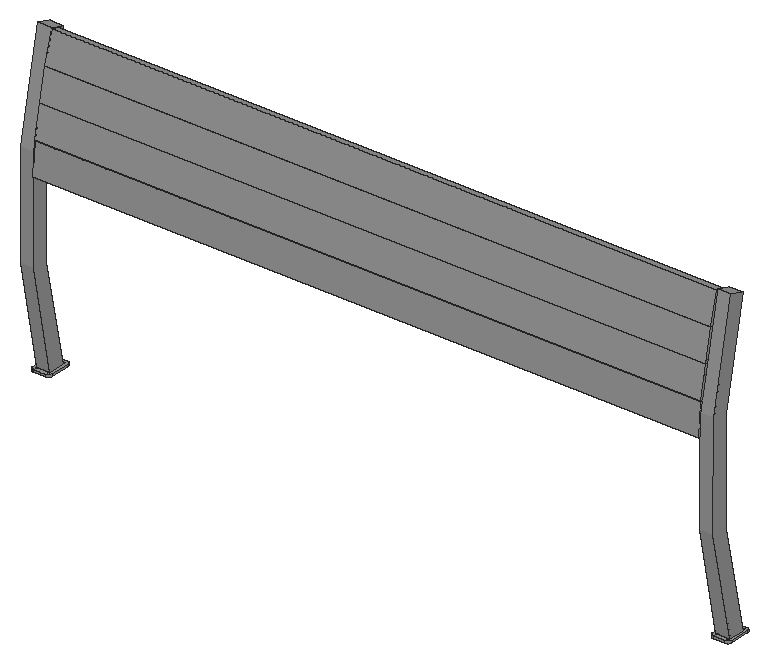
Revit family "Скамейка опорная «Модерн»", category Антураж, Revit 2017
Family settings
  На основе рабочей плоскости = Нет
  Всегда вертикально = Да
  При загрузке вырезать с полостями = Нет
  Источник визуального образа = Геометрия семейства
  Общий = Нет
  Точка расчета площади = Нет
Parameters (values of type "Скамейка опорная «Модерн» 1,8м")
  Стоимость = 5341
  Изготовитель = "ООО \"Хоббика\""
  Длина доски = ADSK_Размер_Длина - 35 mm * 2  # 1730 mm
  Высота = 0 mm
  URL = "https://hobbyka.ru/product/skameyka_opornaya_modern/"
  ADSK_Размер_Ширина = 800 mm
  ADSK_Размер_Длина = 1800 mm
  ADSK_Наименование = "Скамейка опорная «Модерн»"
  ADSK_Материал опоры = Сталь, окрашенная, темно-серая, матовая
  ADSK_Материал доски = Ясень
  ADSK_Код изделия = "11549\r\n11549"
Types (4, lengths in mm): name | Стоимость | Длина доски | ADSK_Размер_Длина
  (no name) | 5341 | 1730 | 1800
  Скамейка опорная «Модерн» 1,2м | 4566 | 1130 | 1200
  Скамейка опорная «Модерн» 1,5м | 4954 | 1430 | 1500
  Скамейка опорная «Модерн» 1,8м | 5341 | 1730 | 1800
Reference planes
  plane 1 "По центру (Вперед/Назад)": y = 0
  plane 2: z = 0
  plane 3 "По центру (Влево/Вправо)": x = 0
  plane 4: x = -900
  plane 5: x = 900
  plane 6: x = -865
  plane 7: x = 865
Forms (mm)
  Extrusion 1, solid, material "Ясень" <- "ADSK_Материал доски"
    sketch origin (0, -56.184, -0.746) x (0, 0.997564, -0.069756) y (0, 0.069756, 0.997564)
      loop
        line (-38.768, 804.072) -> (-52.956, 725.34) -> (-33.273, 721.793) -> (-19.191, 799.934) -> (-38.768, 804.072)
    from -865 to 865
  Extrusion 2, solid, material "Ясень" <- "ADSK_Материал доски"
    sketch origin (0, -61.889, -79.184) x (0, 0.99863, -0.052336) y (0, 0.052336, 0.99863)
      loop
        line (-38.768, 804.072) -> (-52.956, 725.34) -> (-33.273, 721.793) -> (-19.191, 799.934) -> (-38.768, 804.072)
    from -865 to 865
  Extrusion 3, solid, material "Ясень" <- "ADSK_Материал доски"
    sketch origin (0, -51.954, -157.592) x (0, 0.999848, -0.017452) y (0, 0.017452, 0.999848)
      loop
        line (-38.768, 804.072) -> (-52.956, 725.34) -> (-33.273, 721.793) -> (-19.191, 799.934) -> (-38.768, 804.072)
    from -865 to 865
  Extrusion 4, solid, material "Ясень" <- "ADSK_Материал доски"
    sketch origin (0, 11.007, -231.938) x (0, 0.996739, 0.08069) y (0, -0.08069, 0.996739)
      loop
        line (-38.768, 804.072) -> (-52.956, 725.34) -> (-33.273, 721.793) -> (-19.191, 799.934) -> (-38.768, 804.072)
    from -865 to 865
Dimensions and locks
  equal spacing: plane 4, plane 3 "По центру (Влево/Вправо)", plane 5
  "ADSK_Размер_Длина": plane 4 to plane 5
  plane 4 to plane 6 = 35 mm
  plane 5 to plane 7 = 35 mm
  "Длина доски": plane 6 to plane 7
  aligned and locked: level to plane 2
  aligned and locked: nested 1 to plane 4
  aligned and locked: nested 2 to plane 5
  aligned and locked: Extrusion 3 to plane 6
  aligned and locked: Extrusion 1 to plane 6
  aligned and locked: Extrusion 2 to plane 6
  aligned and locked: Extrusion 4 to plane 6
  aligned and locked: plane 7 to Extrusion 2
  aligned and locked: plane 7 to Extrusion 4
  aligned and locked: plane 7 to Extrusion 1
  aligned and locked: plane 7 to Extrusion 3
Automatic sketch dimensions
  plane 1 "По центру (Вперед/Назад)" to Extrusion 1 sketch curve = 58.414 mm
  level to Extrusion 1 sketch curve = 726.522 mm
  Extrusion 1 sketch curve to Extrusion 1 sketch curve = 14.189 mm
  Extrusion 1 sketch curve to Extrusion 1 sketch curve = 19.683 mm
  Extrusion 1 sketch curve to Extrusion 1 sketch curve = 19.577 mm
  Extrusion 1 sketch curve to Extrusion 1 sketch curve = 3.547 mm
  plane 1 "По центру (Вперед/Назад)" to Extrusion 2 sketch curve = 76.811 mm
  level to Extrusion 2 sketch curve = 647.933 mm
  Extrusion 2 sketch curve to Extrusion 2 sketch curve = 14.189 mm
  Extrusion 2 sketch curve to Extrusion 2 sketch curve = 19.683 mm
  Extrusion 2 sketch curve to Extrusion 2 sketch curve = 19.577 mm
  Extrusion 2 sketch curve to Extrusion 2 sketch curve = 3.547 mm
  plane 1 "По центру (Вперед/Назад)" to Extrusion 3 sketch curve = 92.244 mm
  level to Extrusion 3 sketch curve = 568.561 mm
  Extrusion 3 sketch curve to Extrusion 3 sketch curve = 14.189 mm
  Extrusion 3 sketch curve to Extrusion 3 sketch curve = 19.683 mm
  Extrusion 3 sketch curve to Extrusion 3 sketch curve = 19.577 mm
  Extrusion 3 sketch curve to Extrusion 3 sketch curve = 3.547 mm
  plane 1 "По центру (Вперед/Назад)" to Extrusion 4 sketch curve = 100.305 mm
  level to Extrusion 4 sketch curve = 486.764 mm
  Extrusion 4 sketch curve to Extrusion 4 sketch curve = 14.189 mm
  Extrusion 4 sketch curve to Extrusion 4 sketch curve = 19.683 mm
  Extrusion 4 sketch curve to Extrusion 4 sketch curve = 19.577 mm
  Extrusion 4 sketch curve to Extrusion 4 sketch curve = 3.547 mm
Nested families
  nested 1: "Семейство6" at (-882.5, -19.568, 0), Материал <- "ADSK_Материал опоры", type "Семейство6"
    with Материал Сталь, окрашенная, темно-серая, матовая
  nested 2: "Семейство6" at (882.5, -19.568, 0) x (-1, 0, 0) z (0, 0, 1), Материал <- "ADSK_Материал опоры", type "Семейство6"
    with Материал Сталь, окрашенная, темно-серая, матовая
Definition of nested family "Семейство6"
  Parameters (values of type "Семейство6")
    Материал [instance] = none
    Height = 0 mm
  Reference planes
    plane 1 "По центру (Вперед/Назад)": y = 0
    plane 2: z = 0
    plane 3 "По центру (Влево/Вправо)": x = 0
    plane 4: z = 800
    plane 5: y = 35
    plane 6: y = -35
    plane 7: x = 25
    plane 8: x = -25
  Forms (mm)
    Extrusion 1, solid, material <- "Материал"
      sketch origin (0, 0, 0) x (1, 0, 0) y (0, 1, 0)
        loop
          arc (-15, 35) -> (-22.071, 32.071) -> (-25, 25) r 10
          line (-25, 25) -> (-25, -25)
          arc (-25, -25) -> (-22.071, -32.071) -> (-15, -35) r 10
          line (-15, -35) -> (15, -35)
          arc (15, -35) -> (22.071, -32.071) -> (25, -25) r 10
          line (25, -25) -> (25, 25)
          arc (25, 25) -> (22.071, 32.071) -> (15, 35) r 10
          line (15, 35) -> (-15, 35)
        loop
          circle (-15, 25) r 1.981
        loop
          circle (15, 25) r 1.981
        loop
          circle (-15, -25) r 1.981
        loop
          circle (15, -25) r 1.981
      from 0 to 5
    Sweep 2, solid, material <- "Материал"
      path in 3D
        loop
          arc (0, 0, 0) -> (0, -62.481, 400) -> (0, 0, 800) r 1311.622
      profile origin (0, -62.481, 400) x (0, -1, 0) y (1, 0, 0)
        loop
          line (20, -17.5) -> (20, 17.5) -> (-20, 17.5) -> (-20, -17.5) -> (20, -17.5)
    Extrusion 3, void
      sketch origin (0, 0, 0) x (0, 1, 0) y (0, 0, 1)
        loop
          line (53.331, 0) -> (-41.669, 0) -> (-41.669, -20) -> (53.331, -20) -> (53.331, 0)
      from -33.695 to 30.789
  Cuts and joins
    Extrusion 3 cuts Sweep 2
    joined: Extrusion 1, Sweep 2
  Lines and regions (mm)
    symbolic lines
      curve 1: line (-17.5, 19.385, 0) -> (-17.5, -225.615, 0)
      curve 2: line (17.5, 19.385, 0) -> (17.5, -225.615, 0)
    reference lines
      curve 3: arc (0, 0, 0) -> (0, -62.481, 400) -> (0, 0, 800) r 1311.622
    sketch lines
      curve 4: arc (0, 0, 0) -> (0, -62.481, 400) -> (0, 0, 800) r 1311.622
  Dimensions and locks
    plane 4 to level = 800 mm
    equal spacing: plane 8, plane 3 "По центру (Влево/Вправо)", plane 7
    equal spacing: plane 5, plane 1 "По центру (Вперед/Назад)", plane 6
    plane 8 to plane 7 = 50 mm
    plane 5 to plane 6 = 70 mm
    plane 3 "По центру (Влево/Вправо)" to plane 7 = 25 mm
    aligned and locked: level to plane 2
    aligned and locked: Extrusion 1 sketch curve to plane 5
    aligned and locked: plane 8 to Extrusion 1 sketch curve
    aligned and locked: plane 6 to Extrusion 1 sketch curve
    aligned and locked: Extrusion 1 sketch curve to plane 7
